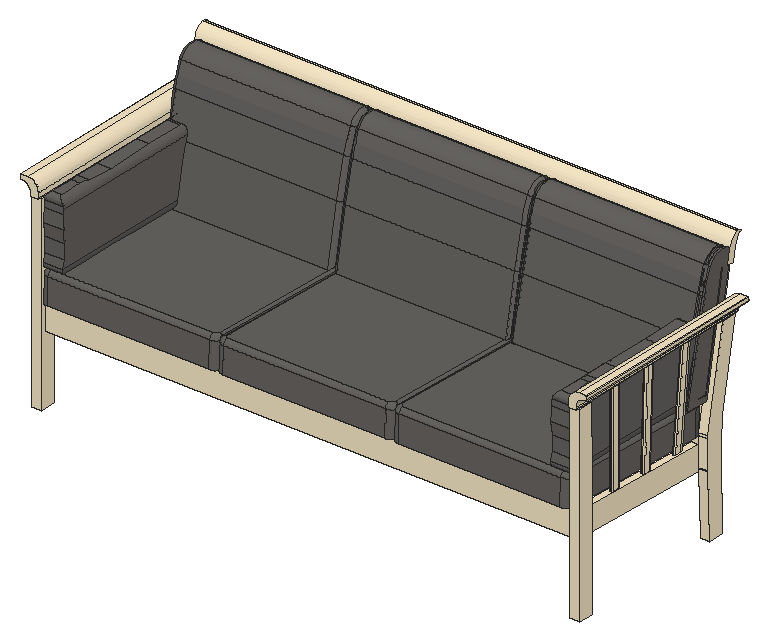
Revit family "Sofachair_3", category Furniture, Revit 2021
Family settings
  OmniClass Number = 23.40.20.00
  OmniClass Title = General Furniture and Specialties
  Work Plane-Based = No
  Always vertical = Yes
  Cut with Voids When Loaded = No
  Shared = No
  Room Calculation Point = No
Parameters
  Width (mm) = 1870 mm
  Weight Net (kg) = 0 mm
  URL = "http://stolab.bimobject.com/8003"
  UNSPC Code = ""
  UNSPC Category = ""
  Product group = "Sundborn"
  Product family = "Easy Charirs-Sofas"
  Product data URL = ""
  Product SKU = "8003"
  Model = "Sundborn 8003"
  Material-Seat = Fabrics Linen
  Material-Legs = Birch_vert
  Manufacturer = "Stolab"
  Manufacture country = "Sweden"
  Installation instructions = ""
  IFC Classification = "Furniture"
  Height (mm) = 840 mm
  Edition number = "1"
  EAN code = ""
  Design country = "Sweden"
  Depth (mm) = 740 mm
  Default Elevation = 0 mm
  Date of publishing = ""
  BIM objet QR code URL = ""
  BIM object Category = "Furniture"
Reference planes
  plane 1 "Center (Front/Back)": y = 0
  plane 2: z = 0
  plane 3 "Center (Left/Right)": x = 0
Forms (mm)
  Extrusion 1, solid, material "Birch_vert" <- "Material-Legs"
    sketch origin (-289.253, 1500, 0) x (1, 0, 0) y (0, 1, 0)
      loop
        line (-580, -1825.601) -> (1158.506, -1825.601) -> (1158.506, -1800.601) -> (-580, -1800.601) -> (-580, -1825.601)
    from 230 to 320
  Extrusion 2, solid, material "Fabrics Linen" <- "Material-Seat"
    sketch origin (0, 2343.751, 226.177) x (0, 0.999371, -0.035452) y (-1, 0, 0)
      loop
        arc (-2141.621, 843.234) -> (-2148.943, 860.911) -> (-2166.621, 868.234) r 25
        line (-2166.621, 868.234) -> (-2666.77, 868.234)
        arc (-2666.77, 868.234) -> (-2684.447, 860.911) -> (-2691.77, 843.234) r 25
        line (-2691.77, 843.234) -> (-2691.77, 311.348)
        arc (-2691.77, 311.348) -> (-2684.447, 293.671) -> (-2666.77, 286.348) r 25
        line (-2666.77, 286.348) -> (-2166.621, 286.348)
        arc (-2166.621, 286.348) -> (-2148.943, 293.671) -> (-2141.621, 311.348) r 25
        line (-2141.621, 311.348) -> (-2141.621, 843.234)
    from 0 to 100.295
  Extrusion 3, solid, material "Birch_vert" <- "Material-Legs"
    sketch origin (-289.253, 0, 0) x (1, 0, 0) y (0, 1, 0)
      loop
        line (-610, 327.386) -> (-610, 176.168) -> (-580, 176.168) -> (-580, 327.386) -> (-610, 327.386)
    from 0 to 643.267
  Extrusion 4, void
    sketch origin (0, 0, 0) x (0, -1, 0) y (0, 0, 1)
      loop
        line (-248.437, 350.486) -> (-242.445, 266.014) -> (-243.885, 242.054) -> (-249.649, 0) -> (-199.649, 0) -> (-189.706, 208.772) -> (-189.649, 211.151) -> (-189.649, 305.199)
        arc (-189.649, 305.199) -> (-189.878, 309.98) -> (-190.564, 314.718) r 49.976
        line (-190.564, 314.718) -> (-250.768, 625) -> (-301.701, 625) -> (-248.437, 350.486)
      loop
        line (-356.073, 659.173) -> (-356.073, -20.827) -> (-156.073, -20.827) -> (-156.073, 659.173) -> (-356.073, 659.173)
    from 848.459 to 921.547
  Extrusion 5, solid, material "Birch_vert" <- "Material-Legs"
    sketch origin (0, 0, 0) x (0, 1, 0) y (0, 0, 1)
      loop
        line (-288.351, 425) -> (-293.351, 625) -> (-338.351, 625) -> (-338.351, 0) -> (-288.351, 0) -> (-288.351, 425)
    from -900.673 to -869.253
  Sweep 6, void
    path in 3D
      loop
        arc (-311.348, -342.771, 421.837) -> (-293.671, -335.453, 421.577) -> (-286.348, -317.786, 420.95) r 25
        line (-286.348, -317.786, 420.95) -> (-286.348, 182.048, 403.219)
        arc (-286.348, 182.048, 403.219) -> (-293.671, 199.714, 402.593) -> (-311.348, 207.032, 402.333) r 25
        line (-311.348, 207.032, 402.333) -> (-843.234, 207.032, 402.333)
        arc (-843.234, 207.032, 402.333) -> (-860.911, 199.714, 402.593) -> (-868.234, 182.048, 403.219) r 25
        line (-868.234, 182.048, 403.219) -> (-868.234, -317.786, 420.95)
        arc (-868.234, -317.786, 420.95) -> (-860.911, -335.453, 421.577) -> (-843.234, -342.771, 421.837) r 25
        line (-843.234, -342.771, 421.837) -> (-311.348, -342.771, 421.837)
    profile origin (-577.291, -342.771, 421.837) x (0, 0.999371, -0.035452) y (0, 0.035452, 0.999371)
      loop
        line (15.827, 0.326) -> (-0.173, 0.326) -> (-0.173, -16.775)
        arc (-0.173, -16.775) -> (4.832, -5.422) -> (15.827, 0.326) r 18.762
  Extrusion 7, solid, material "Fabrics Linen" <- "Material-Seat"
    sketch origin (0, 0, 0) x (0, 1, 0) y (0, 0, 1)
      loop
        line (133.209, 405.145) -> (226.13, 402.241) -> (303.668, 801.863)
        arc (303.668, 801.863) -> (301.141, 812.725) -> (292.139, 819.306) r 16.02
        line (292.139, 819.306) -> (286.885, 820.793)
        arc (286.885, 820.793) -> (251.119, 816.556) -> (225.76, 790.981) r 54.64
        arc (225.76, 790.981) -> (210.774, 753.431) -> (200.827, 714.243) r 308.528
        line (200.827, 714.243) -> (171.379, 592.525) -> (133.209, 405.145)
    from -872.753 to -291.14
  Sweep 8, void
    path in 3D
      loop
        line (-291.14, 226.13, 402.241) -> (-291.14, 303.668, 801.863)
        arc (-291.14, 303.668, 801.863) -> (-291.14, 301.141, 812.725) -> (-291.14, 292.139, 819.306) r 16.02
        line (-291.14, 292.139, 819.306) -> (-291.14, 286.885, 820.793)
        arc (-291.14, 286.885, 820.793) -> (-291.14, 251.119, 816.556) -> (-291.14, 225.76, 790.981) r 54.64
        arc (-291.14, 225.76, 790.981) -> (-291.14, 210.774, 753.431) -> (-291.14, 200.827, 714.243) r 308.528
        line (-291.14, 200.827, 714.243) -> (-291.14, 171.379, 592.525) -> (-291.14, 133.209, 405.145) -> (-291.14, 226.13, 402.241)
    profile origin (-291.14, 179.67, 403.693) x (0, 0.031233, 0.999512) y (1, 0, 0)
      loop
        line (-2.273, 1.874) -> (-2.273, -24.771)
        arc (-2.273, -24.771) -> (2.419, -8.897) -> (14.987, 1.874) r 29.195
        line (14.987, 1.874) -> (-2.273, 1.874)
      loop
        line (-2.273, -583.487) -> (14.987, -583.487)
        arc (14.987, -583.487) -> (2.419, -572.716) -> (-2.273, -556.843) r 29.195
        line (-2.273, -556.843) -> (-2.273, -583.487)
  Extrusion 9, solid, material "Birch_vert" <- "Material-Legs"
    sketch origin (0, 1910, 0) x (1, 0, 0) y (0, 1, 0)
      loop
        line (-869.253, -1706.101) -> (869.253, -1706.101) -> (869.253, -1681.101) -> (-869.253, -1681.101) -> (-869.253, -1706.101)
    from 215 to 305
  Extrusion 10, solid, material "Birch_vert" <- "Material-Legs"
    sketch origin (0, 0, 0) x (0, 1, 0) y (0, 0, 1)
      loop
        line (189.649, 221.689) -> (189.649, 301.738) -> (-288.351, 318.43) -> (-288.351, 238.381) -> (189.649, 221.689)
    from -895.253 to -873.253
  Blend 11, solid, material "Birch_vert" <- "Material-Legs"
    base sketch origin (-426.311, 0, 0) x (1, 0, 0) y (0, 1, 0)
      loop
        arc (-11.5, 221.714) -> (-14.231, 220.641) -> (-15.5, 217.996) r 4.011
        line (-15.5, 217.996) -> (-15.5, 215.246)
        arc (-15.5, 215.246) -> (-14.411, 212.616) -> (-11.782, 211.527) r 3.718
        line (-11.782, 211.527) -> (10.786, 211.527)
        arc (10.786, 211.527) -> (13.415, 212.616) -> (14.504, 215.246) r 3.718
        line (14.504, 215.246) -> (14.504, 217.996)
        arc (14.504, 217.996) -> (13.235, 220.641) -> (10.504, 221.714) r 4.011
        line (10.504, 221.714) -> (-11.5, 221.714)
    top sketch origin (-426.311, 0, 0) x (1, 0, 0) y (0, 1, 0)
      loop
        arc (-11.5, 311.301) -> (-14.231, 310.228) -> (-15.5, 307.583) r 4.011
        line (-15.5, 307.583) -> (-15.5, 304.832)
        arc (-15.5, 304.832) -> (-14.411, 302.203) -> (-11.782, 301.114) r 3.718
        line (-11.782, 301.114) -> (10.786, 301.114)
        arc (10.786, 301.114) -> (13.415, 302.203) -> (14.504, 304.832) r 3.718
        line (14.504, 304.832) -> (14.504, 307.583)
        arc (14.504, 307.583) -> (13.235, 310.228) -> (10.504, 311.301) r 4.011
        line (10.504, 311.301) -> (-11.5, 311.301)
    from 305 to 765.88
  Blend 12, solid, material "Birch_vert" <- "Material-Legs"
    base sketch origin (-145.736, 0, 0) x (-1, 0, 0) y (0, -1, 0)
      loop
        line (-11.5, -221.714) -> (10.504, -221.714)
        arc (10.504, -221.714) -> (13.235, -220.641) -> (14.504, -217.996) r 4.011
        line (14.504, -217.996) -> (14.504, -215.246)
        arc (14.504, -215.246) -> (13.415, -212.616) -> (10.786, -211.527) r 3.718
        line (10.786, -211.527) -> (-11.782, -211.527)
        arc (-11.782, -211.527) -> (-14.411, -212.616) -> (-15.5, -215.246) r 3.718
        line (-15.5, -215.246) -> (-15.5, -217.996)
        arc (-15.5, -217.996) -> (-14.231, -220.641) -> (-11.5, -221.714) r 4.011
    top sketch origin (-145.736, 0, 0) x (-1, 0, 0) y (0, -1, 0)
      loop
        line (-11.5, -311.301) -> (10.504, -311.301)
        arc (10.504, -311.301) -> (13.235, -310.228) -> (14.504, -307.583) r 4.011
        line (14.504, -307.583) -> (14.504, -304.832)
        arc (14.504, -304.832) -> (13.415, -302.203) -> (10.786, -301.114) r 3.718
        line (10.786, -301.114) -> (-11.782, -301.114)
        arc (-11.782, -301.114) -> (-14.411, -302.203) -> (-15.5, -304.832) r 3.718
        line (-15.5, -304.832) -> (-15.5, -307.583)
        arc (-15.5, -307.583) -> (-14.231, -310.228) -> (-11.5, -311.301) r 4.011
    from 305 to 765.88
  Blend 13, solid, material "Birch_vert" <- "Material-Legs"
    base sketch origin (-849.998, 5.603, 0) x (-1, 0, 0) y (0, -1, 0)
      loop
        line (-20.498, -221.714) -> (19.502, -221.714) -> (19.502, -200.321) -> (-20.498, -200.321) -> (-20.498, -221.714)
    top sketch origin (-849.998, 5.603, 0) x (-1, 0, 0) y (0, -1, 0)
      loop
        line (-20.498, -311.253) -> (19.502, -311.253) -> (19.502, -290.327) -> (-20.498, -290.327) -> (-20.498, -311.253)
    from 305 to 765.631
  Blend 14, solid, material "Birch_vert" <- "Material-Legs"
    base sketch origin (-285.505, 0, 0) x (1, 0, 0) y (0, 1, 0)
      loop
        arc (-11.5, 221.714) -> (-14.231, 220.641) -> (-15.5, 217.996) r 4.011
        line (-15.5, 217.996) -> (-15.5, 215.246)
        arc (-15.5, 215.246) -> (-14.411, 212.616) -> (-11.782, 211.527) r 3.718
        line (-11.782, 211.527) -> (10.786, 211.527)
        arc (10.786, 211.527) -> (13.415, 212.616) -> (14.504, 215.246) r 3.718
        line (14.504, 215.246) -> (14.504, 217.996)
        arc (14.504, 217.996) -> (13.235, 220.641) -> (10.504, 221.714) r 4.011
        line (10.504, 221.714) -> (-11.5, 221.714)
    top sketch origin (-285.505, 0, 0) x (1, 0, 0) y (0, 1, 0)
      loop
        arc (-11.5, 311.301) -> (-14.231, 310.228) -> (-15.5, 307.583) r 4.011
        line (-15.5, 307.583) -> (-15.5, 304.832)
        arc (-15.5, 304.832) -> (-14.411, 302.203) -> (-11.782, 301.114) r 3.718
        line (-11.782, 301.114) -> (10.786, 301.114)
        arc (10.786, 301.114) -> (13.415, 302.203) -> (14.504, 304.832) r 3.718
        line (14.504, 304.832) -> (14.504, 307.583)
        arc (14.504, 307.583) -> (13.235, 310.228) -> (10.504, 311.301) r 4.011
        line (10.504, 311.301) -> (-11.5, 311.301)
    from 305 to 765.88
  Extrusion 15, solid, material "Birch_vert" <- "Material-Legs"
    sketch origin (-579.253, 0, 0) x (1, 0, 0) y (0, 0, 1)
      loop
        arc (-352.511, 667.749) -> (-351.639, 665.645) -> (-349.535, 664.773) r 2.976
        arc (-349.535, 664.773) -> (-326.992, 656.504) -> (-317.5, 634.448) r 30.371
        line (-317.5, 634.448) -> (-317.5, 627) -> (-315.5, 625) -> (-294.5, 625) -> (-292.54, 627) -> (-292.916, 645.896)
        arc (-292.916, 645.896) -> (-303.795, 670.092) -> (-328.405, 680) r 35.517
        line (-328.405, 680) -> (-349.5, 680)
        arc (-349.5, 680) -> (-351.621, 679.121) -> (-352.5, 677) r 3
        line (-352.5, 677) -> (-352.511, 667.749)
    from -316.075 to 346.851
  Sweep 16, solid, material "Fabrics Linen" <- "Material-Seat"
    path origin (-1165.868, -1540.25, 527.009) x (-1, 0, 0) y (0, -1, 0)
      loop
        line (-277.233, -1205.494) -> (-277.233, -1737.895)
    profile origin (-888.635, -68.556, 527.009) x (-1, 0, 0) y (0, 0, 1)
      loop
        line (-86.558, 84.263) -> (-86.636, -92.083)
        arc (-86.636, -92.083) -> (-51.652, -127.099) -> (-16.636, -92.114) r 35
        line (-16.636, -92.114) -> (-16.558, 84.232)
        arc (-16.558, 84.232) -> (-51.542, 119.248) -> (-86.558, 84.263) r 35
  Extrusion 17, void
    sketch origin (-585, 321.25, 1205) x (0, -1, 0) y (0, 0, 1)
      loop
        line (653.709, -769.269) -> (648.426, -742.09) -> (648.426, -693.237)
        arc (648.426, -693.237) -> (651.165, -672.563) -> (653.316, -651.819) r 734.176
        arc (653.316, -651.819) -> (652.44, -630.108) -> (649.533, -608.574) r 231.492
        line (649.533, -608.574) -> (649.533, -586.117)
        arc (649.533, -586.117) -> (648.447, -569.143) -> (632.387, -563.543) r 15.384
        line (632.387, -563.543) -> (558.896, -560.977) -> (524.664, -565.237) -> (442.402, -568.817) -> (283.271, -565.302) -> (154.12, -565.512)
        arc (154.12, -565.512) -> (146.267, -568.486) -> (143.7, -576.482) r 9.672
        line (143.7, -576.482) -> (148.471, -610.74) -> (156.408, -634.467) -> (171.206, -686.908) -> (179.819, -733.674) -> (192.384, -800.132) -> (275.967, -791.202) -> (444.646, -782.997) -> (613.584, -784.55) -> (624.163, -786.196) -> (639.547, -786.876)
        arc (639.547, -786.876) -> (651.812, -782.243) -> (653.709, -769.269) r 12.919
      loop
        line (670, -553.732) -> (115, -553.732) -> (115, -808.4) -> (670, -808.4) -> (670, -553.732)
    from 198.121 to 328.253
  Blend 18, solid, material "Birch_vert" <- "Material-Legs"
    base sketch origin (-677.726, -176.528, 0) x (0.005556, 0.999985, 0) y (-0.999985, 0.005556, 0)
      loop
        arc (-11.5, 221.714) -> (-14.231, 220.641) -> (-15.5, 217.996) r 4.011
        line (-15.5, 217.996) -> (-15.5, 215.246)
        arc (-15.5, 215.246) -> (-14.411, 212.616) -> (-11.782, 211.527) r 3.718
        line (-11.782, 211.527) -> (10.786, 211.527)
        arc (10.786, 211.527) -> (13.415, 212.616) -> (14.504, 215.246) r 3.718
        line (14.504, 215.246) -> (14.504, 217.996)
        arc (14.504, 217.996) -> (13.235, 220.641) -> (10.504, 221.714) r 4.011
        line (10.504, 221.714) -> (-11.5, 221.714)
    top sketch origin (-677.726, -176.528, 0) x (0.005556, 0.999985, 0) y (-0.999985, 0.005556, 0)
      loop
        arc (-11.5, 221.712) -> (-14.231, 220.638) -> (-15.5, 217.993) r 4.011
        line (-15.5, 217.993) -> (-15.5, 215.243)
        arc (-15.5, 215.243) -> (-14.411, 212.614) -> (-11.782, 211.524) r 3.718
        line (-11.782, 211.524) -> (10.786, 211.524)
        arc (10.786, 211.524) -> (13.415, 212.614) -> (14.504, 215.243) r 3.718
        line (14.504, 215.243) -> (14.504, 217.993)
        arc (14.504, 217.993) -> (13.235, 220.638) -> (10.504, 221.712) r 4.011
        line (10.504, 221.712) -> (-11.5, 221.712)
    from 314.884 to 625
  Blend 19, solid, material "Birch_vert" <- "Material-Legs"
    base sketch origin (-677.726, -37.117, 0) x (0.005556, 0.999985, 0) y (-0.999985, 0.005556, 0)
      loop
        arc (-22.86, 221.651) -> (-25.591, 220.578) -> (-26.86, 217.933) r 4.011
        line (-26.86, 217.933) -> (-26.86, 215.182)
        arc (-26.86, 215.182) -> (-25.771, 212.553) -> (-23.142, 211.464) r 3.718
        line (-23.142, 211.464) -> (-0.575, 211.464)
        arc (-0.575, 211.464) -> (2.054, 212.553) -> (3.144, 215.182) r 3.718
        line (3.144, 215.182) -> (3.144, 217.933)
        arc (3.144, 217.933) -> (1.874, 220.578) -> (-0.856, 221.651) r 4.011
        line (-0.856, 221.651) -> (-22.86, 221.651)
    top sketch origin (-677.726, -37.117, 0) x (0.005556, 0.999985, 0) y (-0.999985, 0.005556, 0)
      loop
        arc (-11.812, 221.651) -> (-14.543, 220.578) -> (-15.812, 217.933) r 4.011
        line (-15.812, 217.933) -> (-15.812, 215.182)
        arc (-15.812, 215.182) -> (-14.723, 212.553) -> (-12.094, 211.464) r 3.718
        line (-12.094, 211.464) -> (10.473, 211.464)
        arc (10.473, 211.464) -> (13.103, 212.553) -> (14.192, 215.182) r 3.718
        line (14.192, 215.182) -> (14.192, 217.933)
        arc (14.192, 217.933) -> (12.922, 220.578) -> (10.192, 221.651) r 4.011
        line (10.192, 221.651) -> (-11.812, 221.651)
    from 309.88 to 625
  Blend 20, solid, material "Birch_vert" <- "Material-Legs"
    base sketch origin (-677.726, 90.815, 0) x (0.005556, 0.999985, 0) y (-0.999985, 0.005556, 0)
      loop
        arc (-22.86, 221.651) -> (-25.591, 220.578) -> (-26.86, 217.933) r 4.011
        line (-26.86, 217.933) -> (-26.86, 215.182)
        arc (-26.86, 215.182) -> (-25.771, 212.553) -> (-23.142, 211.464) r 3.718
        line (-23.142, 211.464) -> (-0.575, 211.464)
        arc (-0.575, 211.464) -> (2.054, 212.553) -> (3.144, 215.182) r 3.718
        line (3.144, 215.182) -> (3.144, 217.933)
        arc (3.144, 217.933) -> (1.874, 220.578) -> (-0.856, 221.651) r 4.011
        line (-0.856, 221.651) -> (-22.86, 221.651)
    top sketch origin (-677.726, 90.815, 0) x (0.005556, 0.999985, 0) y (-0.999985, 0.005556, 0)
      loop
        arc (10.659, 221.776) -> (7.928, 220.703) -> (6.659, 218.058) r 4.011
        line (6.659, 218.058) -> (6.659, 215.307)
        arc (6.659, 215.307) -> (7.748, 212.678) -> (10.377, 211.589) r 3.718
        line (10.377, 211.589) -> (32.945, 211.589)
        arc (32.945, 211.589) -> (35.574, 212.678) -> (36.663, 215.307) r 3.718
        line (36.663, 215.307) -> (36.663, 218.058)
        arc (36.663, 218.058) -> (35.393, 220.703) -> (32.663, 221.776) r 4.011
        line (32.663, 221.776) -> (10.659, 221.776)
    from 309.88 to 625
  Blend 21, solid, material "Birch_vert" <- "Material-Legs"
    base sketch origin (-4.873, 0, 0) x (-1, 0, 0) y (0, -1, 0)
      loop
        line (-11.5, -221.714) -> (10.504, -221.714)
        arc (10.504, -221.714) -> (13.235, -220.641) -> (14.504, -217.996) r 4.011
        line (14.504, -217.996) -> (14.504, -215.246)
        arc (14.504, -215.246) -> (13.415, -212.616) -> (10.786, -211.527) r 3.718
        line (10.786, -211.527) -> (-11.782, -211.527)
        arc (-11.782, -211.527) -> (-14.411, -212.616) -> (-15.5, -215.246) r 3.718
        line (-15.5, -215.246) -> (-15.5, -217.996)
        arc (-15.5, -217.996) -> (-14.231, -220.641) -> (-11.5, -221.714) r 4.011
    top sketch origin (-4.873, 0, 0) x (-1, 0, 0) y (0, -1, 0)
      loop
        line (-11.5, -311.301) -> (10.504, -311.301)
        arc (10.504, -311.301) -> (13.235, -310.228) -> (14.504, -307.583) r 4.011
        line (14.504, -307.583) -> (14.504, -304.832)
        arc (14.504, -304.832) -> (13.415, -302.203) -> (10.786, -301.114) r 3.718
        line (10.786, -301.114) -> (-11.782, -301.114)
        arc (-11.782, -301.114) -> (-14.411, -302.203) -> (-15.5, -304.832) r 3.718
        line (-15.5, -304.832) -> (-15.5, -307.583)
        arc (-15.5, -307.583) -> (-14.231, -310.228) -> (-11.5, -311.301) r 4.011
    from 305 to 765.88
  Blend 22, solid, material "Birch_vert" <- "Material-Legs"
    base sketch origin (417.405, 0, 0) x (-1, 0, 0) y (0, -1, 0)
      loop
        line (-11.5, -221.714) -> (10.504, -221.714)
        arc (10.504, -221.714) -> (13.235, -220.641) -> (14.504, -217.996) r 4.011
        line (14.504, -217.996) -> (14.504, -215.246)
        arc (14.504, -215.246) -> (13.415, -212.616) -> (10.786, -211.527) r 3.718
        line (10.786, -211.527) -> (-11.782, -211.527)
        arc (-11.782, -211.527) -> (-14.411, -212.616) -> (-15.5, -215.246) r 3.718
        line (-15.5, -215.246) -> (-15.5, -217.996)
        arc (-15.5, -217.996) -> (-14.231, -220.641) -> (-11.5, -221.714) r 4.011
    top sketch origin (417.405, 0, 0) x (-1, 0, 0) y (0, -1, 0)
      loop
        line (-11.5, -311.301) -> (10.504, -311.301)
        arc (10.504, -311.301) -> (13.235, -310.228) -> (14.504, -307.583) r 4.011
        line (14.504, -307.583) -> (14.504, -304.832)
        arc (14.504, -304.832) -> (13.415, -302.203) -> (10.786, -301.114) r 3.718
        line (10.786, -301.114) -> (-11.782, -301.114)
        arc (-11.782, -301.114) -> (-14.411, -302.203) -> (-15.5, -304.832) r 3.718
        line (-15.5, -304.832) -> (-15.5, -307.583)
        arc (-15.5, -307.583) -> (-14.231, -310.228) -> (-11.5, -311.301) r 4.011
    from 305 to 765.88
  Blend 23, solid, material "Birch_vert" <- "Material-Legs"
    base sketch origin (136.829, 0, 0) x (1, 0, 0) y (0, 1, 0)
      loop
        arc (-11.5, 221.714) -> (-14.231, 220.641) -> (-15.5, 217.996) r 4.011
        line (-15.5, 217.996) -> (-15.5, 215.246)
        arc (-15.5, 215.246) -> (-14.411, 212.616) -> (-11.782, 211.527) r 3.718
        line (-11.782, 211.527) -> (10.786, 211.527)
        arc (10.786, 211.527) -> (13.415, 212.616) -> (14.504, 215.246) r 3.718
        line (14.504, 215.246) -> (14.504, 217.996)
        arc (14.504, 217.996) -> (13.235, 220.641) -> (10.504, 221.714) r 4.011
        line (10.504, 221.714) -> (-11.5, 221.714)
    top sketch origin (136.829, 0, 0) x (1, 0, 0) y (0, 1, 0)
      loop
        arc (-11.5, 311.301) -> (-14.231, 310.228) -> (-15.5, 307.583) r 4.011
        line (-15.5, 307.583) -> (-15.5, 304.832)
        arc (-15.5, 304.832) -> (-14.411, 302.203) -> (-11.782, 301.114) r 3.718
        line (-11.782, 301.114) -> (10.786, 301.114)
        arc (10.786, 301.114) -> (13.415, 302.203) -> (14.504, 304.832) r 3.718
        line (14.504, 304.832) -> (14.504, 307.583)
        arc (14.504, 307.583) -> (13.235, 310.228) -> (10.504, 311.301) r 4.011
        line (10.504, 311.301) -> (-11.5, 311.301)
    from 305 to 765.88
  Blend 24, solid, material "Birch_vert" <- "Material-Legs"
    base sketch origin (276.443, 0, 0) x (-1, 0, 0) y (0, -1, 0)
      loop
        line (-11.5, -221.714) -> (10.504, -221.714)
        arc (10.504, -221.714) -> (13.235, -220.641) -> (14.504, -217.996) r 4.011
        line (14.504, -217.996) -> (14.504, -215.246)
        arc (14.504, -215.246) -> (13.415, -212.616) -> (10.786, -211.527) r 3.718
        line (10.786, -211.527) -> (-11.782, -211.527)
        arc (-11.782, -211.527) -> (-14.411, -212.616) -> (-15.5, -215.246) r 3.718
        line (-15.5, -215.246) -> (-15.5, -217.996)
        arc (-15.5, -217.996) -> (-14.231, -220.641) -> (-11.5, -221.714) r 4.011
    top sketch origin (276.443, 0, 0) x (-1, 0, 0) y (0, -1, 0)
      loop
        line (-11.5, -311.301) -> (10.504, -311.301)
        arc (10.504, -311.301) -> (13.235, -310.228) -> (14.504, -307.583) r 4.011
        line (14.504, -307.583) -> (14.504, -304.832)
        arc (14.504, -304.832) -> (13.415, -302.203) -> (10.786, -301.114) r 3.718
        line (10.786, -301.114) -> (-11.782, -301.114)
        arc (-11.782, -301.114) -> (-14.411, -302.203) -> (-15.5, -304.832) r 3.718
        line (-15.5, -304.832) -> (-15.5, -307.583)
        arc (-15.5, -307.583) -> (-14.231, -310.228) -> (-11.5, -311.301) r 4.011
    from 305 to 765.88
  Extrusion 25, solid, material "Fabrics Linen" <- "Material-Seat"
    sketch origin (0, 2343.751, 226.177) x (0, 0.999371, -0.035452) y (-1, 0, 0)
      loop
        line (-2141.621, -265.943) -> (-2141.621, 265.943)
        arc (-2141.621, 265.943) -> (-2148.943, 283.62) -> (-2166.621, 290.943) r 25
        line (-2166.621, 290.943) -> (-2666.77, 290.943)
        arc (-2666.77, 290.943) -> (-2684.447, 283.62) -> (-2691.77, 265.943) r 25
        line (-2691.77, 265.943) -> (-2691.77, -265.943)
        arc (-2691.77, -265.943) -> (-2684.447, -283.62) -> (-2666.77, -290.943) r 25
        line (-2666.77, -290.943) -> (-2166.621, -290.943)
        arc (-2166.621, -290.943) -> (-2148.943, -283.62) -> (-2141.621, -265.943) r 25
    from 0 to 100.295
  Extrusion 26, solid, material "Fabrics Linen" <- "Material-Seat"
    sketch origin (0, 0, 0) x (0, 1, 0) y (0, 0, -1)
      loop
        line (133.209, -405.145) -> (171.379, -592.525) -> (200.827, -714.243)
        arc (200.827, -714.243) -> (210.774, -753.431) -> (225.76, -790.981) r 308.528
        arc (225.76, -790.981) -> (251.119, -816.556) -> (286.885, -820.793) r 54.64
        line (286.885, -820.793) -> (292.139, -819.306)
        arc (292.139, -819.306) -> (301.141, -812.725) -> (303.668, -801.863) r 16.02
        line (303.668, -801.863) -> (226.13, -402.241) -> (133.209, -405.145)
    from -880 to 288.86
  Sweep 27, void
    path in 3D
      loop
        arc (265.943, -342.771, 421.837) -> (283.62, -335.453, 421.577) -> (290.943, -317.786, 420.95) r 25
        line (290.943, -317.786, 420.95) -> (290.943, 182.048, 403.219)
        arc (290.943, 182.048, 403.219) -> (283.62, 199.714, 402.593) -> (265.943, 207.032, 402.333) r 25
        line (265.943, 207.032, 402.333) -> (-265.943, 207.032, 402.333)
        arc (-265.943, 207.032, 402.333) -> (-283.62, 199.714, 402.593) -> (-290.943, 182.048, 403.219) r 25
        line (-290.943, 182.048, 403.219) -> (-290.943, -317.786, 420.95)
        arc (-290.943, -317.786, 420.95) -> (-283.62, -335.453, 421.577) -> (-265.943, -342.771, 421.837) r 25
        line (-265.943, -342.771, 421.837) -> (265.943, -342.771, 421.837)
    profile origin (0, -342.771, 421.837) x (0, 0.999371, -0.035452) y (0, 0.035452, 0.999371)
      loop
        line (15.827, 0.326) -> (-0.173, 0.326) -> (-0.173, -16.775)
        arc (-0.173, -16.775) -> (4.832, -5.422) -> (15.827, 0.326) r 18.762
  Sweep 28, void
    path in 3D
      loop
        line (-288.86, 133.209, 405.145) -> (-288.86, 171.379, 592.525) -> (-288.86, 200.827, 714.243)
        arc (-288.86, 200.827, 714.243) -> (-288.86, 210.774, 753.431) -> (-288.86, 225.76, 790.981) r 308.528
        arc (-288.86, 225.76, 790.981) -> (-288.86, 251.119, 816.556) -> (-288.86, 286.885, 820.793) r 54.64
        line (-288.86, 286.885, 820.793) -> (-288.86, 292.139, 819.306)
        arc (-288.86, 292.139, 819.306) -> (-288.86, 301.141, 812.725) -> (-288.86, 303.668, 801.863) r 16.02
        line (-288.86, 303.668, 801.863) -> (-288.86, 226.13, 402.241) -> (-288.86, 133.209, 405.145)
    profile origin (-288.86, 179.67, 403.693) x (0, 0.031233, 0.999512) y (-1, 0, 0)
      loop
        line (-2.282, 1.874) -> (-2.282, -24.771)
        arc (-2.282, -24.771) -> (2.41, -8.897) -> (14.979, 1.874) r 29.195
        line (14.979, 1.874) -> (-2.282, 1.874)
      loop
        line (-2.282, -583.487) -> (14.979, -583.487)
        arc (14.979, -583.487) -> (2.41, -572.716) -> (-2.282, -556.843) r 29.195
        line (-2.282, -556.843) -> (-2.282, -583.487)
  Extrusion 29, solid, material "Fabrics Linen" <- "Material-Seat"
    sketch origin (0, 2343.751, 226.177) x (0, 0.999371, -0.035452) y (-1, 0, 0)
      loop
        line (-2141.621, -843.234) -> (-2141.621, -311.348)
        arc (-2141.621, -311.348) -> (-2148.943, -293.671) -> (-2166.621, -286.348) r 25
        line (-2166.621, -286.348) -> (-2666.77, -286.348)
        arc (-2666.77, -286.348) -> (-2684.447, -293.671) -> (-2691.77, -311.348) r 25
        line (-2691.77, -311.348) -> (-2691.77, -843.234)
        arc (-2691.77, -843.234) -> (-2684.447, -860.911) -> (-2666.77, -868.234) r 25
        line (-2666.77, -868.234) -> (-2166.621, -868.234)
        arc (-2166.621, -868.234) -> (-2148.943, -860.911) -> (-2141.621, -843.234) r 25
    from 0 to 100.295
  Extrusion 30, solid, material "Fabrics Linen" <- "Material-Seat"
    sketch origin (0, 0, 0) x (0, 1, 0) y (0, 0, -1)
      loop
        line (133.209, -405.145) -> (171.379, -592.525) -> (200.827, -714.243)
        arc (200.827, -714.243) -> (210.774, -753.431) -> (225.76, -790.981) r 308.528
        arc (225.76, -790.981) -> (251.119, -816.556) -> (286.885, -820.793) r 54.64
        line (286.885, -820.793) -> (292.139, -819.306)
        arc (292.139, -819.306) -> (301.141, -812.725) -> (303.668, -801.863) r 16.02
        line (303.668, -801.863) -> (226.13, -402.241) -> (133.209, -405.145)
    from -872.753 to -291.14
  Sweep 31, void
    path in 3D
      loop
        arc (843.234, -342.771, 421.837) -> (860.911, -335.453, 421.577) -> (868.234, -317.786, 420.95) r 25
        line (868.234, -317.786, 420.95) -> (868.234, 182.048, 403.219)
        arc (868.234, 182.048, 403.219) -> (860.911, 199.714, 402.593) -> (843.234, 207.032, 402.333) r 25
        line (843.234, 207.032, 402.333) -> (311.348, 207.032, 402.333)
        arc (311.348, 207.032, 402.333) -> (293.671, 199.714, 402.593) -> (286.348, 182.048, 403.219) r 25
        line (286.348, 182.048, 403.219) -> (286.348, -317.786, 420.95)
        arc (286.348, -317.786, 420.95) -> (293.671, -335.453, 421.577) -> (311.348, -342.771, 421.837) r 25
        line (311.348, -342.771, 421.837) -> (843.234, -342.771, 421.837)
    profile origin (577.291, -342.771, 421.837) x (0, 0.999371, -0.035452) y (0, 0.035452, 0.999371)
      loop
        line (15.827, 0.326) -> (-0.173, 0.326) -> (-0.173, -16.775)
        arc (-0.173, -16.775) -> (4.832, -5.422) -> (15.827, 0.326) r 18.762
  Sweep 32, void
    path in 3D
      loop
        line (291.14, 133.209, 405.145) -> (291.14, 171.379, 592.525) -> (291.14, 200.827, 714.243)
        arc (291.14, 200.827, 714.243) -> (291.14, 210.774, 753.431) -> (291.14, 225.76, 790.981) r 308.528
        arc (291.14, 225.76, 790.981) -> (291.14, 251.119, 816.556) -> (291.14, 286.885, 820.793) r 54.64
        line (291.14, 286.885, 820.793) -> (291.14, 292.139, 819.306)
        arc (291.14, 292.139, 819.306) -> (291.14, 301.141, 812.725) -> (291.14, 303.668, 801.863) r 16.02
        line (291.14, 303.668, 801.863) -> (291.14, 226.13, 402.241) -> (291.14, 133.209, 405.145)
    profile origin (291.14, 179.67, 403.693) x (0, 0.031233, 0.999512) y (-1, 0, 0)
      loop
        line (-2.273, 1.874) -> (-2.273, -24.771)
        arc (-2.273, -24.771) -> (2.419, -8.897) -> (14.987, 1.874) r 29.195
        line (14.987, 1.874) -> (-2.273, 1.874)
      loop
        line (-2.273, -583.487) -> (14.987, -583.487)
        arc (14.987, -583.487) -> (2.419, -572.716) -> (-2.273, -556.843) r 29.195
        line (-2.273, -556.843) -> (-2.273, -583.487)
  Extrusion 33, solid, material "Birch_vert" <- "Material-Legs"
    sketch origin (289.253, 0, 0) x (-1, 0, 0) y (0, -1, 0)
      loop
        line (-610, -327.386) -> (-580, -327.386) -> (-580, -176.168) -> (-610, -176.168) -> (-610, -327.386)
    from 0 to 643.267
  Extrusion 34, void
    sketch origin (0, 0, 0) x (0, -1, 0) y (0, 0, -1)
      loop
        line (-248.437, -350.486) -> (-301.701, -625) -> (-250.768, -625) -> (-190.564, -314.718)
        arc (-190.564, -314.718) -> (-189.878, -309.98) -> (-189.649, -305.199) r 49.976
        line (-189.649, -305.199) -> (-189.649, -211.151) -> (-189.706, -208.772) -> (-199.649, 0) -> (-249.649, 0) -> (-243.885, -242.054) -> (-242.445, -266.014) -> (-248.437, -350.486)
      loop
        line (-356.073, -659.173) -> (-156.073, -659.173) -> (-156.073, 20.827) -> (-356.073, 20.827) -> (-356.073, -659.173)
    from 848.459 to 921.547
  Extrusion 35, solid, material "Birch_vert" <- "Material-Legs"
    sketch origin (0, 0, 0) x (0, 1, 0) y (0, 0, -1)
      loop
        line (-288.351, -425) -> (-288.351, 0) -> (-338.351, 0) -> (-338.351, -625) -> (-293.351, -625) -> (-288.351, -425)
    from -900.673 to -869.253
  Extrusion 36, solid, material "Birch_vert" <- "Material-Legs"
    sketch origin (0, 0, 0) x (0, 1, 0) y (0, 0, -1)
      loop
        line (189.649, -221.689) -> (-288.351, -238.381) -> (-288.351, -318.43) -> (189.649, -301.738) -> (189.649, -221.689)
    from -895.253 to -873.253
  Extrusion 37, solid, material "Birch_vert" <- "Material-Legs"
    sketch origin (579.253, 0, 0) x (-1, 0, 0) y (0, 0, -1)
      loop
        line (-352.511, -667.749) -> (-352.5, -677)
        arc (-352.5, -677) -> (-351.621, -679.121) -> (-349.5, -680) r 3
        line (-349.5, -680) -> (-328.405, -680)
        arc (-328.405, -680) -> (-303.795, -670.092) -> (-292.916, -645.896) r 35.517
        line (-292.916, -645.896) -> (-292.54, -627) -> (-294.5, -625) -> (-315.5, -625) -> (-317.5, -627) -> (-317.5, -634.448)
        arc (-317.5, -634.448) -> (-326.992, -656.504) -> (-349.535, -664.773) r 30.371
        arc (-349.535, -664.773) -> (-351.639, -665.645) -> (-352.511, -667.749) r 2.976
    from -316.075 to 346.851
  Blend 38, solid, material "Birch_vert" <- "Material-Legs"
    base sketch origin (668.976, -176.528, 0) x (-0.005556, 0.999985, 0) y (-0.999985, -0.005556, 0)
      loop
        line (-11.5, -221.714) -> (10.504, -221.714)
        arc (10.504, -221.714) -> (13.235, -220.641) -> (14.504, -217.996) r 4.011
        line (14.504, -217.996) -> (14.504, -215.246)
        arc (14.504, -215.246) -> (13.415, -212.616) -> (10.786, -211.527) r 3.718
        line (10.786, -211.527) -> (-11.782, -211.527)
        arc (-11.782, -211.527) -> (-14.411, -212.616) -> (-15.5, -215.246) r 3.718
        line (-15.5, -215.246) -> (-15.5, -217.996)
        arc (-15.5, -217.996) -> (-14.231, -220.641) -> (-11.5, -221.714) r 4.011
    top sketch origin (668.976, -176.528, 0) x (-0.005556, 0.999985, 0) y (-0.999985, -0.005556, 0)
      loop
        line (-11.5, -221.712) -> (10.504, -221.712)
        arc (10.504, -221.712) -> (13.235, -220.638) -> (14.504, -217.993) r 4.011
        line (14.504, -217.993) -> (14.504, -215.243)
        arc (14.504, -215.243) -> (13.415, -212.614) -> (10.786, -211.524) r 3.718
        line (10.786, -211.524) -> (-11.782, -211.524)
        arc (-11.782, -211.524) -> (-14.411, -212.614) -> (-15.5, -215.243) r 3.718
        line (-15.5, -215.243) -> (-15.5, -217.993)
        arc (-15.5, -217.993) -> (-14.231, -220.638) -> (-11.5, -221.712) r 4.011
    from 314.884 to 625
  Blend 39, solid, material "Birch_vert" <- "Material-Legs"
    base sketch origin (668.976, -37.117, 0) x (-0.005556, 0.999985, 0) y (-0.999985, -0.005556, 0)
      loop
        line (-22.86, -221.651) -> (-0.856, -221.651)
        arc (-0.856, -221.651) -> (1.874, -220.578) -> (3.144, -217.933) r 4.011
        line (3.144, -217.933) -> (3.144, -215.182)
        arc (3.144, -215.182) -> (2.054, -212.553) -> (-0.575, -211.464) r 3.718
        line (-0.575, -211.464) -> (-23.142, -211.464)
        arc (-23.142, -211.464) -> (-25.771, -212.553) -> (-26.86, -215.182) r 3.718
        line (-26.86, -215.182) -> (-26.86, -217.933)
        arc (-26.86, -217.933) -> (-25.591, -220.578) -> (-22.86, -221.651) r 4.011
    top sketch origin (668.976, -37.117, 0) x (-0.005556, 0.999985, 0) y (-0.999985, -0.005556, 0)
      loop
        line (-11.812, -221.651) -> (10.192, -221.651)
        arc (10.192, -221.651) -> (12.922, -220.578) -> (14.192, -217.933) r 4.011
        line (14.192, -217.933) -> (14.192, -215.182)
        arc (14.192, -215.182) -> (13.103, -212.553) -> (10.473, -211.464) r 3.718
        line (10.473, -211.464) -> (-12.094, -211.464)
        arc (-12.094, -211.464) -> (-14.723, -212.553) -> (-15.812, -215.182) r 3.718
        line (-15.812, -215.182) -> (-15.812, -217.933)
        arc (-15.812, -217.933) -> (-14.543, -220.578) -> (-11.812, -221.651) r 4.011
    from 309.88 to 625
  Blend 40, solid, material "Birch_vert" <- "Material-Legs"
    base sketch origin (669.133, 90.815, 0) x (-0.005556, 0.999985, 0) y (-0.999985, -0.005556, 0)
      loop
        line (-22.86, -221.651) -> (-0.856, -221.651)
        arc (-0.856, -221.651) -> (1.874, -220.578) -> (3.144, -217.933) r 4.011
        line (3.144, -217.933) -> (3.144, -215.182)
        arc (3.144, -215.182) -> (2.054, -212.553) -> (-0.575, -211.464) r 3.718
        line (-0.575, -211.464) -> (-23.142, -211.464)
        arc (-23.142, -211.464) -> (-25.771, -212.553) -> (-26.86, -215.182) r 3.718
        line (-26.86, -215.182) -> (-26.86, -217.933)
        arc (-26.86, -217.933) -> (-25.591, -220.578) -> (-22.86, -221.651) r 4.011
    top sketch origin (669.133, 90.815, 0) x (-0.005556, 0.999985, 0) y (-0.999985, -0.005556, 0)
      loop
        line (10.659, -221.776) -> (32.663, -221.776)
        arc (32.663, -221.776) -> (35.393, -220.703) -> (36.663, -218.058) r 4.011
        line (36.663, -218.058) -> (36.663, -215.307)
        arc (36.663, -215.307) -> (35.574, -212.678) -> (32.945, -211.589) r 3.718
        line (32.945, -211.589) -> (10.377, -211.589)
        arc (10.377, -211.589) -> (7.748, -212.678) -> (6.659, -215.307) r 3.718
        line (6.659, -215.307) -> (6.659, -218.058)
        arc (6.659, -218.058) -> (7.928, -220.703) -> (10.659, -221.776) r 4.011
    from 309.88 to 625
  Sweep 41, solid, material "Fabrics Linen" <- "Material-Seat"
    path origin (1165.868, -1540.25, 527.009) x (1, 0, 0) y (0, 1, 0)
      loop
        line (-277.233, 1205.494) -> (-277.233, 1737.895)
    profile origin (888.635, -68.556, 527.009) x (-1, 0, 0) y (0, 0, 1)
      loop
        arc (86.558, 84.263) -> (51.542, 119.248) -> (16.558, 84.232) r 35
        line (16.558, 84.232) -> (16.636, -92.114)
        arc (16.636, -92.114) -> (51.652, -127.099) -> (86.636, -92.083) r 35
        line (86.636, -92.083) -> (86.558, 84.263)
  Extrusion 42, void
    sketch origin (585, 321.25, 1205) x (0, -1, 0) y (0, 0, -1)
      loop
        arc (653.709, 769.269) -> (651.812, 782.243) -> (639.547, 786.876) r 12.919
        line (639.547, 786.876) -> (624.163, 786.196) -> (613.584, 784.55) -> (444.646, 782.997) -> (275.967, 791.202) -> (192.384, 800.132) -> (179.819, 733.674) -> (171.206, 686.908) -> (156.408, 634.467) -> (148.471, 610.74) -> (143.7, 576.482)
        arc (143.7, 576.482) -> (146.267, 568.486) -> (154.12, 565.512) r 9.672
        line (154.12, 565.512) -> (283.271, 565.302) -> (442.402, 568.817) -> (524.664, 565.237) -> (558.896, 560.977) -> (632.387, 563.543)
        arc (632.387, 563.543) -> (648.447, 569.143) -> (649.533, 586.117) r 15.384
        line (649.533, 586.117) -> (649.533, 608.574)
        arc (649.533, 608.574) -> (652.44, 630.108) -> (653.316, 651.819) r 231.492
        arc (653.316, 651.819) -> (651.165, 672.563) -> (648.426, 693.237) r 734.176
        line (648.426, 693.237) -> (648.426, 742.09) -> (653.709, 769.269)
      loop
        line (670, 553.732) -> (670, 808.4) -> (115, 808.4) -> (115, 553.732) -> (670, 553.732)
    from 198.121 to 328.253
  Blend 43, solid, material "Birch_vert" <- "Material-Legs"
    base sketch origin (-567.752, 0, 0) x (1, 0, 0) y (0, 1, 0)
      loop
        arc (-11.5, 221.714) -> (-14.231, 220.641) -> (-15.5, 217.996) r 4.011
        line (-15.5, 217.996) -> (-15.5, 215.246)
        arc (-15.5, 215.246) -> (-14.411, 212.616) -> (-11.782, 211.527) r 3.718
        line (-11.782, 211.527) -> (10.786, 211.527)
        arc (10.786, 211.527) -> (13.415, 212.616) -> (14.504, 215.246) r 3.718
        line (14.504, 215.246) -> (14.504, 217.996)
        arc (14.504, 217.996) -> (13.235, 220.641) -> (10.504, 221.714) r 4.011
        line (10.504, 221.714) -> (-11.5, 221.714)
    top sketch origin (-567.752, 0, 0) x (1, 0, 0) y (0, 1, 0)
      loop
        arc (-11.5, 311.301) -> (-14.231, 310.228) -> (-15.5, 307.583) r 4.011
        line (-15.5, 307.583) -> (-15.5, 304.832)
        arc (-15.5, 304.832) -> (-14.411, 302.203) -> (-11.782, 301.114) r 3.718
        line (-11.782, 301.114) -> (10.786, 301.114)
        arc (10.786, 301.114) -> (13.415, 302.203) -> (14.504, 304.832) r 3.718
        line (14.504, 304.832) -> (14.504, 307.583)
        arc (14.504, 307.583) -> (13.235, 310.228) -> (10.504, 311.301) r 4.011
        line (10.504, 311.301) -> (-11.5, 311.301)
    from 305 to 765.88
  Blend 44, solid, material "Birch_vert" <- "Material-Legs"
    base sketch origin (-708.177, 0, 0) x (1, 0, 0) y (0, 1, 0)
      loop
        arc (-11.5, 221.714) -> (-14.231, 220.641) -> (-15.5, 217.996) r 4.011
        line (-15.5, 217.996) -> (-15.5, 215.246)
        arc (-15.5, 215.246) -> (-14.411, 212.616) -> (-11.782, 211.527) r 3.718
        line (-11.782, 211.527) -> (10.786, 211.527)
        arc (10.786, 211.527) -> (13.415, 212.616) -> (14.504, 215.246) r 3.718
        line (14.504, 215.246) -> (14.504, 217.996)
        arc (14.504, 217.996) -> (13.235, 220.641) -> (10.504, 221.714) r 4.011
        line (10.504, 221.714) -> (-11.5, 221.714)
    top sketch origin (-708.177, 0, 0) x (1, 0, 0) y (0, 1, 0)
      loop
        arc (-11.5, 311.301) -> (-14.231, 310.228) -> (-15.5, 307.583) r 4.011
        line (-15.5, 307.583) -> (-15.5, 304.832)
        arc (-15.5, 304.832) -> (-14.411, 302.203) -> (-11.782, 301.114) r 3.718
        line (-11.782, 301.114) -> (10.786, 301.114)
        arc (10.786, 301.114) -> (13.415, 302.203) -> (14.504, 304.832) r 3.718
        line (14.504, 304.832) -> (14.504, 307.583)
        arc (14.504, 307.583) -> (13.235, 310.228) -> (10.504, 311.301) r 4.011
        line (10.504, 311.301) -> (-11.5, 311.301)
    from 305 to 765.88
  Blend 45, solid, material "Birch_vert" <- "Material-Legs"
    base sketch origin (850.936, 5.603, 0) x (1, 0, 0) y (0, 1, 0)
      loop
        line (-20.498, 221.714) -> (-20.498, 200.321) -> (19.502, 200.321) -> (19.502, 221.714) -> (-20.498, 221.714)
    top sketch origin (850.936, 5.603, 0) x (1, 0, 0) y (0, 1, 0)
      loop
        line (-20.498, 311.253) -> (-20.498, 290.327) -> (19.502, 290.327) -> (19.502, 311.253) -> (-20.498, 311.253)
    from 305 to 765.631
  Blend 46, solid, material "Birch_vert" <- "Material-Legs"
    base sketch origin (698.802, -0.312, 0) x (-1, 0, 0) y (0, -1, 0)
      loop
        line (-11.5, -221.714) -> (10.504, -221.714)
        arc (10.504, -221.714) -> (13.235, -220.641) -> (14.504, -217.996) r 4.011
        line (14.504, -217.996) -> (14.504, -215.246)
        arc (14.504, -215.246) -> (13.415, -212.616) -> (10.786, -211.527) r 3.718
        line (10.786, -211.527) -> (-11.782, -211.527)
        arc (-11.782, -211.527) -> (-14.411, -212.616) -> (-15.5, -215.246) r 3.718
        line (-15.5, -215.246) -> (-15.5, -217.996)
        arc (-15.5, -217.996) -> (-14.231, -220.641) -> (-11.5, -221.714) r 4.011
    top sketch origin (698.802, -0.312, 0) x (-1, 0, 0) y (0, -1, 0)
      loop
        line (-11.5, -311.301) -> (10.504, -311.301)
        arc (10.504, -311.301) -> (13.235, -310.228) -> (14.504, -307.583) r 4.011
        line (14.504, -307.583) -> (14.504, -304.832)
        arc (14.504, -304.832) -> (13.415, -302.203) -> (10.786, -301.114) r 3.718
        line (10.786, -301.114) -> (-11.782, -301.114)
        arc (-11.782, -301.114) -> (-14.411, -302.203) -> (-15.5, -304.832) r 3.718
        line (-15.5, -304.832) -> (-15.5, -307.583)
        arc (-15.5, -307.583) -> (-14.231, -310.228) -> (-11.5, -311.301) r 4.011
    from 305 to 765.88
  Blend 47, solid, material "Birch_vert" <- "Material-Legs"
    base sketch origin (558.03, 0, 0) x (-1, 0, 0) y (0, -1, 0)
      loop
        line (-11.5, -221.714) -> (10.504, -221.714)
        arc (10.504, -221.714) -> (13.235, -220.641) -> (14.504, -217.996) r 4.011
        line (14.504, -217.996) -> (14.504, -215.246)
        arc (14.504, -215.246) -> (13.415, -212.616) -> (10.786, -211.527) r 3.718
        line (10.786, -211.527) -> (-11.782, -211.527)
        arc (-11.782, -211.527) -> (-14.411, -212.616) -> (-15.5, -215.246) r 3.718
        line (-15.5, -215.246) -> (-15.5, -217.996)
        arc (-15.5, -217.996) -> (-14.231, -220.641) -> (-11.5, -221.714) r 4.011
    top sketch origin (558.03, 0, 0) x (-1, 0, 0) y (0, -1, 0)
      loop
        line (-11.5, -311.301) -> (10.504, -311.301)
        arc (10.504, -311.301) -> (13.235, -310.228) -> (14.504, -307.583) r 4.011
        line (14.504, -307.583) -> (14.504, -304.832)
        arc (14.504, -304.832) -> (13.415, -302.203) -> (10.786, -301.114) r 3.718
        line (10.786, -301.114) -> (-11.782, -301.114)
        arc (-11.782, -301.114) -> (-14.411, -302.203) -> (-15.5, -304.832) r 3.718
        line (-15.5, -304.832) -> (-15.5, -307.583)
        arc (-15.5, -307.583) -> (-14.231, -310.228) -> (-11.5, -311.301) r 4.011
    from 305 to 765.88
  Extrusion 48, solid, material "Birch_vert" <- "Material-Legs"
    sketch origin (0.623, 0.483, 0.002) x (0, 1, 0) y (0, 0, 1)
      loop
        line (316.061, 761.622) -> (324.671, 805.921)
        arc (324.671, 805.921) -> (332.18, 826.009) -> (345.816, 842.56) r 64.997
        arc (345.816, 842.56) -> (346.773, 845.55) -> (344.563, 847.779) r 3.026
        arc (344.563, 847.779) -> (341.038, 847.963) -> (337.535, 847.534) r 20.304
        arc (337.535, 847.534) -> (315.638, 833.322) -> (304.057, 809.928) r 49.343
        line (304.057, 809.928) -> (295.447, 765.629) -> (316.061, 761.622)
    from -880 to 880
Cuts and joins
  Extrusion 4, Extrusion 34, Extrusion 42 cuts Extrusion 3
  Sweep 6, Sweep 27, Sweep 28, Extrusion 34, Extrusion 42 cuts Extrusion 2
  Sweep 8, Extrusion 34, Extrusion 42 cuts Extrusion 7
  Extrusion 17 cuts Blend 11
  Extrusion 17 cuts Blend 12
  Extrusion 17 cuts Blend 14
  joined: Blend 11, Blend 12, Blend 14
  Extrusion 17, Extrusion 34, Extrusion 42 cuts Sweep 16
  Extrusion 17 cuts Blend 13
  Sweep 27, Sweep 31, Sweep 32 cuts Extrusion 25
  Sweep 28 cuts Blend 21
  Sweep 28, Sweep 32 cuts Blend 22
  Sweep 28 cuts Blend 23
  Sweep 28, Sweep 32 cuts Blend 24
  Sweep 28, Sweep 32 cuts Extrusion 26
  Sweep 31, Sweep 32 cuts Extrusion 29
  Sweep 32 cuts Extrusion 30
  Extrusion 34 cuts Extrusion 10
  Extrusion 34, Extrusion 42 cuts Extrusion 15
  Extrusion 34 cuts Extrusion 33
  Extrusion 34 cuts Extrusion 36
  Extrusion 42 cuts Extrusion 5
  Extrusion 42 cuts Blend 18
  Extrusion 42 cuts Blend 19
  Extrusion 42 cuts Blend 20
  Extrusion 42 cuts Sweep 41
Lines and regions (mm)
  Masking region 1
    outline origin (-579.509, 0.013, 0) x (1, 0, 0) y (0, 1, 0)
      loop
        spline (848.416, -346.326) -> (850.507, -346.239) -> (852.583, -345.977) -> (854.63, -345.542) -> (856.634, -344.938) -> (858.58, -344.169) -> (860.454, -343.239) -> (862.245, -342.156) -> (863.938, -340.927) -> (865.523, -339.561) -> (866.988, -338.068) -> (868.322, -336.457) -> (869.517, -334.74)
        spline (869.517, -334.74) -> (870.713, -336.457) -> (872.047, -338.068) -> (873.512, -339.561) -> (875.097, -340.927) -> (876.79, -342.156) -> (878.581, -343.239) -> (880.455, -344.169) -> (882.401, -344.938) -> (884.405, -345.542) -> (886.452, -345.977) -> (888.528, -346.239) -> (890.619, -346.326)
        line (890.619, -346.326) -> (1422.998, -346.326)
        spline (1422.998, -346.326) -> (1425.343, -346.216) -> (1427.667, -345.887) -> (1429.95, -345.341) -> (1432.172, -344.584) -> (1434.312, -343.621) -> (1436.353, -342.463) -> (1438.277, -341.118) -> (1440.065, -339.598) -> (1441.703, -337.918) -> (1443.177, -336.092) -> (1444.472, -334.135) -> (1445.578, -332.066)
        line (1445.578, -332.066) -> (1448.783, -332.066) -> (1448.783, -338.351) -> (1451.323, -338.351) -> (1451.323, -346.851) -> (1511.26, -346.851) -> (1511.26, 316.075) -> (1459.517, 316.075) -> (1459.517, 346.856) -> (-300.5, 346.856) -> (-300.5, 316.075) -> (-352.242, 316.075) -> (-352.242, -346.851) -> (-292.306, -346.851) -> (-292.306, -338.351) -> (-289.766, -338.351) -> (-289.766, -332.066) -> (-286.56, -332.066)
        spline (-286.56, -332.066) -> (-285.454, -334.135) -> (-284.159, -336.092) -> (-282.686, -337.918) -> (-281.048, -339.598) -> (-279.259, -341.118) -> (-277.336, -342.463) -> (-275.295, -343.621) -> (-273.154, -344.584) -> (-270.932, -345.341) -> (-268.649, -345.887) -> (-266.325, -346.216) -> (-263.981, -346.326)
        line (-263.981, -346.326) -> (268.399, -346.326)
        spline (268.399, -346.326) -> (270.49, -346.239) -> (272.566, -345.977) -> (274.613, -345.542) -> (276.616, -344.938) -> (278.562, -344.169) -> (280.437, -343.239) -> (282.227, -342.156) -> (283.921, -340.927) -> (285.505, -339.561) -> (286.97, -338.068) -> (288.305, -336.457) -> (289.5, -334.74)
        spline (289.5, -334.74) -> (290.695, -336.457) -> (292.03, -338.068) -> (293.495, -339.561) -> (295.079, -340.927) -> (296.773, -342.156) -> (298.563, -343.239) -> (300.438, -344.169) -> (302.384, -344.938) -> (304.387, -345.542) -> (306.434, -345.977) -> (308.51, -346.239) -> (310.601, -346.326)
        line (310.601, -346.326) -> (848.416, -346.326)
  sketch lines
    curve 1: line (-843.234, -342.771, 421.837) -> (-311.348, -342.771, 421.837)
    curve 2: arc (-843.234, -342.771, 421.837) -> (-860.911, -335.453, 421.577) -> (-868.234, -317.786, 420.95) r 25
    curve 3: line (-868.234, 182.048, 403.219) -> (-868.234, -317.786, 420.95)
    curve 4: arc (-868.234, 182.048, 403.219) -> (-860.911, 199.714, 402.593) -> (-843.234, 207.032, 402.333) r 25
    curve 5: line (-311.348, 207.032, 402.333) -> (-843.234, 207.032, 402.333)
    curve 6: arc (-311.348, 207.032, 402.333) -> (-293.671, 199.714, 402.593) -> (-286.348, 182.048, 403.219) r 25
    curve 7: line (-286.348, -317.786, 420.95) -> (-286.348, 182.048, 403.219)
    curve 8: arc (-286.348, -317.786, 420.95) -> (-293.671, -335.453, 421.577) -> (-311.348, -342.771, 421.837) r 25
    curve 9: line (-291.14, 133.209, 405.145) -> (-291.14, 226.13, 402.241)
    curve 10: line (-291.14, 171.379, 592.525) -> (-291.14, 133.209, 405.145)
    curve 11: line (-291.14, 200.827, 714.243) -> (-291.14, 171.379, 592.525)
    curve 12: arc (-291.14, 200.827, 714.243) -> (-291.14, 210.774, 753.431) -> (-291.14, 225.76, 790.981) r 308.528
    curve 13: arc (-291.14, 225.76, 790.981) -> (-291.14, 251.119, 816.556) -> (-291.14, 286.885, 820.793) r 54.64
    curve 14: line (-291.14, 292.139, 819.306) -> (-291.14, 286.885, 820.793)
    curve 15: arc (-291.14, 292.139, 819.306) -> (-291.14, 301.141, 812.725) -> (-291.14, 303.668, 801.863) r 16.02
    curve 16: line (-291.14, 226.13, 402.241) -> (-291.14, 303.668, 801.863)
    curve 17: line (-265.943, -342.771, 421.837) -> (265.943, -342.771, 421.837)
    curve 18: arc (290.943, -317.786, 420.95) -> (283.62, -335.453, 421.577) -> (265.943, -342.771, 421.837) r 25
    curve 19: line (290.943, -317.786, 420.95) -> (290.943, 182.048, 403.219)
    curve 20: arc (265.943, 207.032, 402.333) -> (283.62, 199.714, 402.593) -> (290.943, 182.048, 403.219) r 25
    curve 21: line (265.943, 207.032, 402.333) -> (-265.943, 207.032, 402.333)
    curve 22: arc (-290.943, 182.048, 403.219) -> (-283.62, 199.714, 402.593) -> (-265.943, 207.032, 402.333) r 25
    curve 23: line (-290.943, 182.048, 403.219) -> (-290.943, -317.786, 420.95)
    curve 24: arc (-265.943, -342.771, 421.837) -> (-283.62, -335.453, 421.577) -> (-290.943, -317.786, 420.95) r 25
    curve 25: line (-288.86, 226.13, 402.241) -> (-288.86, 133.209, 405.145)
    curve 26: arc (-288.86, 286.885, 820.793) -> (-288.86, 251.119, 816.556) -> (-288.86, 225.76, 790.981) r 54.64
    curve 27: line (-288.86, 286.885, 820.793) -> (-288.86, 292.139, 819.306)
    curve 28: arc (-288.86, 303.668, 801.863) -> (-288.86, 301.141, 812.725) -> (-288.86, 292.139, 819.306) r 16.02
    curve 29: line (-288.86, 303.668, 801.863) -> (-288.86, 226.13, 402.241)
    curve 30: arc (-288.86, 225.76, 790.981) -> (-288.86, 210.774, 753.431) -> (-288.86, 200.827, 714.243) r 308.528
    curve 31: line (-288.86, 171.379, 592.525) -> (-288.86, 200.827, 714.243)
    curve 32: line (-288.86, 133.209, 405.145) -> (-288.86, 171.379, 592.525)
    curve 33: line (311.348, -342.771, 421.837) -> (843.234, -342.771, 421.837)
    curve 34: arc (311.348, -342.771, 421.837) -> (293.671, -335.453, 421.577) -> (286.348, -317.786, 420.95) r 25
    curve 35: line (286.348, 182.048, 403.219) -> (286.348, -317.786, 420.95)
    curve 36: line (868.234, -317.786, 420.95) -> (868.234, 182.048, 403.219)
    curve 37: arc (868.234, -317.786, 420.95) -> (860.911, -335.453, 421.577) -> (843.234, -342.771, 421.837) r 25
    curve 38: arc (286.348, 182.048, 403.219) -> (293.671, 199.714, 402.593) -> (311.348, 207.032, 402.333) r 25
    curve 39: line (843.234, 207.032, 402.333) -> (311.348, 207.032, 402.333)
    curve 40: arc (843.234, 207.032, 402.333) -> (860.911, 199.714, 402.593) -> (868.234, 182.048, 403.219) r 25
    curve 41: line (291.14, 226.13, 402.241) -> (291.14, 133.209, 405.145)
    curve 42: line (291.14, 133.209, 405.145) -> (291.14, 171.379, 592.525)
    curve 43: line (291.14, 171.379, 592.525) -> (291.14, 200.827, 714.243)
    curve 44: arc (291.14, 225.76, 790.981) -> (291.14, 210.774, 753.431) -> (291.14, 200.827, 714.243) r 308.528
    curve 45: arc (291.14, 286.885, 820.793) -> (291.14, 251.119, 816.556) -> (291.14, 225.76, 790.981) r 54.64
    curve 46: line (291.14, 286.885, 820.793) -> (291.14, 292.139, 819.306)
    curve 47: arc (291.14, 303.668, 801.863) -> (291.14, 301.141, 812.725) -> (291.14, 292.139, 819.306) r 16.02
    curve 48: line (291.14, 303.668, 801.863) -> (291.14, 226.13, 402.241)
  symbolic lines, detail levels medium+fine
    curve 49: line (-870.888, -332.066, 0) -> (-870.888, 316.075, 0)
    curve 51: arc (-870.888, -318.045, 0) -> (-869.771, -325.203, 0) -> (-867.449, -332.066, 0) r 42.302
    curve 52: line (-860.912, 303.668, 0) -> (-306.177, 303.668, 0)
    curve 53: spline (-306.177, 303.668, 0) -> (-304.671, 302.993, 0) -> (-303.206, 302.236, 0) -> (-301.787, 301.397, 0) -> (-300.418, 300.48, 0) -> (-299.104, 299.487, 0) -> (-297.849, 298.422, 0) -> (-296.657, 297.289, 0) -> (-295.532, 296.09, 0) -> (-294.478, 294.83, 0) -> (-293.497, 293.513, 0) -> (-292.593, 292.143, 0) -> (-291.769, 290.724, 0)
    curve 54: spline (-870.888, 296.822, 0) -> (-870.177, 297.546, 0) -> (-869.441, 298.244, 0) -> (-868.681, 298.916, 0) -> (-867.898, 299.561, 0) -> (-867.092, 300.179, 0) -> (-866.265, 300.768, 0) -> (-865.417, 301.328, 0) -> (-864.55, 301.858, 0) -> (-863.665, 302.357, 0) -> (-862.763, 302.826, 0) -> (-861.845, 303.263, 0) -> (-860.912, 303.668, 0)
    curve 60: line (-291.769, -334.74, 0) -> (-291.769, 290.724, 0)
    curve 61: line (277.374, 303.668, 0) -> (-277.361, 303.668, 0)
    curve 62: spline (-277.361, 303.668, 0) -> (-278.867, 302.993, 0) -> (-280.332, 302.236, 0) -> (-281.751, 301.397, 0) -> (-283.12, 300.48, 0) -> (-284.434, 299.487, 0) -> (-285.689, 298.422, 0) -> (-286.881, 297.289, 0) -> (-288.006, 296.09, 0) -> (-289.061, 294.83, 0) -> (-290.041, 293.513, 0) -> (-290.945, 292.143, 0) -> (-291.769, 290.724, 0)
    curve 66: line (870.888, -332.066, 0) -> (870.888, 316.075, 0)
    curve 68: arc (870.888, -318.045, 0) -> (869.771, -325.203, 0) -> (867.449, -332.066, 0) r 42.302
    curve 69: line (860.912, 303.668, 0) -> (306.177, 303.668, 0)
    curve 70: spline (306.177, 303.668, 0) -> (304.671, 302.993, 0) -> (303.206, 302.236, 0) -> (301.787, 301.397, 0) -> (300.418, 300.48, 0) -> (299.104, 299.487, 0) -> (297.849, 298.422, 0) -> (296.657, 297.289, 0) -> (295.532, 296.09, 0) -> (294.478, 294.83, 0) -> (293.497, 293.513, 0) -> (292.593, 292.143, 0) -> (291.769, 290.724, 0)
    curve 71: spline (870.888, 296.822, 0) -> (870.177, 297.546, 0) -> (869.441, 298.244, 0) -> (868.681, 298.916, 0) -> (867.898, 299.561, 0) -> (867.092, 300.179, 0) -> (866.265, 300.768, 0) -> (865.417, 301.328, 0) -> (864.55, 301.858, 0) -> (863.665, 302.357, 0) -> (862.763, 302.826, 0) -> (861.845, 303.263, 0) -> (860.912, 303.668, 0)
    curve 77: line (291.769, -334.74, 0) -> (291.769, 290.724, 0)
    curve 78: spline (277.361, 303.668, 0) -> (278.867, 302.993, 0) -> (280.332, 302.236, 0) -> (281.751, 301.397, 0) -> (283.12, 300.48, 0) -> (284.434, 299.487, 0) -> (285.689, 298.422, 0) -> (286.881, 297.289, 0) -> (288.006, 296.09, 0) -> (289.061, 294.83, 0) -> (290.041, 293.513, 0) -> (290.945, 292.143, 0) -> (291.769, 290.724, 0)
  symbolic lines
    curve 50: line (-881.388, 316.075, 0) -> (-870.888, 316.075, 0)
    curve 67: line (881.388, 316.075, 0) -> (870.888, 316.075, 0)
  symbolic lines, detail levels fine
    curve 55: line (-860.97, 133.209, 0) -> (-300.806, 133.209, 0)
    curve 56: spline (-870.888, 141.558, 0) -> (-870.228, 140.755, 0) -> (-869.535, 139.969, 0) -> (-868.809, 139.201, 0) -> (-868.052, 138.451, 0) -> (-867.265, 137.72, 0) -> (-866.448, 137.01, 0) -> (-865.602, 136.32, 0) -> (-864.728, 135.652, 0) -> (-863.826, 135.006, 0) -> (-862.899, 134.384, 0) -> (-861.947, 133.784, 0) -> (-860.97, 133.209, 0)
    curve 57: spline (-300.806, 133.209, 0) -> (-299.829, 133.78, 0) -> (-298.877, 134.375, 0) -> (-297.95, 134.995, 0) -> (-297.049, 135.638, 0) -> (-296.175, 136.303, 0) -> (-295.329, 136.991, 0) -> (-294.512, 137.7, 0) -> (-293.724, 138.429, 0) -> (-292.968, 139.179, 0) -> (-292.242, 139.947, 0) -> (-291.549, 140.734, 0) -> (-290.888, 141.538, 0)
    curve 58: line (-803.631, 133.209, 0) -> (-803.631, -346.326, 0)
    curve 59: line (-290.888, 228.899, 0) -> (-870.888, 228.899, 0)
    curve 63: line (277.432, 133.209, 0) -> (-282.733, 133.209, 0)
    curve 64: spline (-282.733, 133.209, 0) -> (-283.709, 133.78, 0) -> (-284.661, 134.375, 0) -> (-285.588, 134.995, 0) -> (-286.489, 135.638, 0) -> (-287.363, 136.303, 0) -> (-288.209, 136.991, 0) -> (-289.026, 137.7, 0) -> (-289.814, 138.429, 0) -> (-290.571, 139.179, 0) -> (-291.296, 139.947, 0) -> (-291.989, 140.734, 0) -> (-292.65, 141.538, 0)
    curve 65: line (-292.65, 228.899, 0) -> (287.35, 228.899, 0)
    curve 72: line (860.97, 133.209, 0) -> (300.806, 133.209, 0)
    curve 73: spline (870.888, 141.558, 0) -> (870.228, 140.755, 0) -> (869.535, 139.969, 0) -> (868.809, 139.201, 0) -> (868.052, 138.451, 0) -> (867.265, 137.72, 0) -> (866.448, 137.01, 0) -> (865.602, 136.32, 0) -> (864.728, 135.652, 0) -> (863.826, 135.006, 0) -> (862.899, 134.384, 0) -> (861.947, 133.784, 0) -> (860.97, 133.209, 0)
    curve 74: spline (300.806, 133.209, 0) -> (299.829, 133.78, 0) -> (298.877, 134.375, 0) -> (297.95, 134.995, 0) -> (297.049, 135.638, 0) -> (296.175, 136.303, 0) -> (295.329, 136.991, 0) -> (294.512, 137.7, 0) -> (293.724, 138.429, 0) -> (292.968, 139.179, 0) -> (292.242, 139.947, 0) -> (291.549, 140.734, 0) -> (290.888, 141.538, 0)
    curve 75: line (803.631, 133.209, 0) -> (803.631, -346.326, 0)
    curve 76: line (290.888, 228.899, 0) -> (870.888, 228.899, 0)
    curve 79: spline (282.733, 133.209, 0) -> (283.709, 133.78, 0) -> (284.661, 134.375, 0) -> (285.588, 134.995, 0) -> (286.489, 135.638, 0) -> (287.363, 136.303, 0) -> (288.209, 136.991, 0) -> (289.026, 137.7, 0) -> (289.814, 138.429, 0) -> (290.571, 139.179, 0) -> (291.296, 139.947, 0) -> (291.989, 140.734, 0) -> (292.65, 141.538, 0)
  symbolic lines, detail levels coarse
    curve 80: line (-870.888, 316.075, 0) -> (870.888, 316.075, 0)
Dimensions and locks
  aligned and locked: level to plane 2
